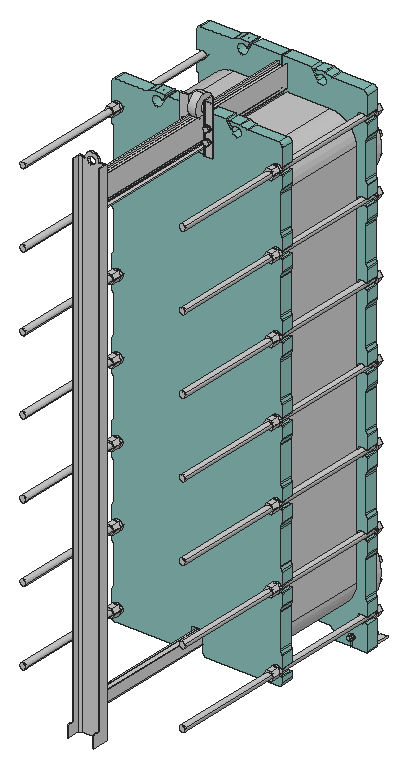
Revit family "Ekin_Endüstriyel - MIT5125", category Specialty Equipment, Revit 2022
Family settings
  Round Connector Dimension = Use Diameter
  Part Type = Normal
  Work Plane-Based = No
  Always vertical = No
  Cut with Voids When Loaded = No
  Maintain Annotation Orientation = No
  Shared = No
  Room Calculation Point = No
Parameters (values of type "Flanged")
  URL = "https://en.ekinendustriyel.com/plate-heat-exchanger"
  Type Comments = ""
  Tightening Bolt = if(Design Pressure < 11.0 bar, 30.00 mm, if(Design Pressure < 17.0 bar, 36.00 mm, 45.00 mm))  # 30.00 mm
  Thickness_of_Plate [instance] = 0.50 mm  # constant formula
  Number_of_Plate [instance] = 160
  Model = if(Hygienic, if(Design Pressure < 11.0 bar, "H12340000F300L", if(Design Pressure < 16.0 bar, " H12340000F300M", " H12340000F300H")), if(Design Pressure < 10.0 bar, "E12340000F2300L", if(Design Pressure < 16.0 bar, " E12340000F300M", " E12340000F300H")))  # "H12340000F300L"
  Material = Galvanized Steel- S235JR
  Manufacturer = "Ekin Endüstriyel"
  M30 = Design Pressure > 10.0 bar  # no
  Lk [instance] = (Number_of_Plate) * ((Thickness_of_Plate) + 2.50 mm)  # 480.00 mm
  Lh [instance] = 2565.00 mm  # constant formula
  Lf [instance] = 2485.00 mm  # constant formula
  Lc [instance] = if(Number_of_Plate < 161, 1200.00 mm, if(Number_of_Plate < 281, 1800.00 mm, if(Number_of_Plate < 421, 2400.00 mm, 3000.00 mm)))  # 1200.00 mm
  La [instance] = 865.00 mm  # constant formula
  Keynote = ""
  Industrial [instance] = not(Hygienic)  # no
  Hygienic = yes
  Head & Follower Plate [instance] = if(Design Pressure < 11.0 bar, 60.00 mm, if(Design Pressure < 17.0 bar, 70.00 mm, 90.00 mm))  # 60.00 mm
  Follower Plate [instance] = -(Head & Follower Plate)  # -60.00 mm
  Design Pressure = 7 bar
  Description = if(Design Pressure < 11.0 bar, "MIT - Heat Exchanger - 10 bar", if(Design Pressure < 16.0 bar, " MIT - Heat Exchanger - 16 bar", " MIT - Heat Exchanger - 25 bar"))  # "MIT - Heat Exchanger - 10 bar"
  Default Elevation = 0.00 mm
Reference planes
  plane 1 "Center (Front/Back)": y = 0
  plane 2: z = 0
  plane 3 "Center (Left/Right)": x = 0
  plane 4: x = 1160
  plane 5: x = -1000
  plane 6 "2": y = -540
  plane 7 "1": y = -60
  plane 8 "3": y = -1260
  plane 9 "Bolt End": y = 18.7
  plane 10: y = -1200
Forms (mm)
  Extrusion 1, solid, material "Galvanized Steel", detail levels fine
    sketch origin (4.063, 0, 0) x (1, 0, 0) y (0, 0, 1)
      loop
        line (-1.063, 2562) -> (-1.063, 2515.593)
        arc (-1.063, 2515.593) -> (-0.613, 2514.012) -> (0.604, 2512.906) r 3
        arc (0.604, 2512.906) -> (6.437, 2503.5) -> (0.604, 2494.094) r 10.5
        arc (0.604, 2494.094) -> (-0.613, 2492.988) -> (-1.063, 2491.407) r 3
        line (-1.063, 2491.407) -> (-1.063, 2455.593)
        arc (-1.063, 2455.593) -> (-0.613, 2454.012) -> (0.604, 2452.906) r 3
        arc (0.604, 2452.906) -> (-4.063, 2433) -> (-8.73, 2452.906) r 10.5
        arc (-8.73, 2452.906) -> (-7.514, 2454.012) -> (-7.063, 2455.593) r 3
        line (-7.063, 2455.593) -> (-7.063, 2491.407)
        arc (-7.063, 2491.407) -> (-7.514, 2492.988) -> (-8.73, 2494.094) r 3
        arc (-8.73, 2494.094) -> (-14.563, 2503.5) -> (-8.73, 2512.906) r 10.5
        arc (-8.73, 2512.906) -> (-7.514, 2514.012) -> (-7.063, 2515.593) r 3
        line (-7.063, 2515.593) -> (-7.063, 2562)
        arc (-7.063, 2562) -> (-7.942, 2564.121) -> (-10.063, 2565) r 3
        line (-10.063, 2565) -> (-152.101, 2565) -> (-182.412, 2512.5)
        arc (-182.412, 2512.5) -> (-228.985, 2523.022) -> (-184.655, 2540.758) r 25
        arc (-184.655, 2540.758) -> (-182.089, 2539.659) -> (-179.728, 2541.15) r 3
        line (-179.728, 2541.15) -> (-168.556, 2560.5)
        arc (-168.556, 2560.5) -> (-168.556, 2563.5) -> (-171.154, 2565) r 3
        line (-171.154, 2565) -> (-217.536, 2565)
        arc (-217.536, 2565) -> (-221.009, 2564.696) -> (-224.377, 2563.794) r 20
        line (-224.377, 2563.794) -> (-250.719, 2554.206)
        arc (-250.719, 2554.206) -> (-254.086, 2553.304) -> (-257.559, 2553) r 20
        line (-257.559, 2553) -> (-416.563, 2553)
        arc (-416.563, 2553) -> (-430.705, 2547.142) -> (-436.563, 2533) r 20
        line (-436.563, 2533) -> (-436.563, 2446)
        arc (-436.563, 2446) -> (-435.684, 2443.879) -> (-433.563, 2443) r 3
        line (-433.563, 2443) -> (-422.554, 2443)
        arc (-422.554, 2443) -> (-421.636, 2443.144) -> (-420.805, 2443.562) r 3
        arc (-420.805, 2443.562) -> (-387.563, 2426.5) -> (-420.805, 2409.437) r 21
        arc (-420.805, 2409.437) -> (-421.636, 2409.856) -> (-422.554, 2410) r 3
        line (-422.554, 2410) -> (-433.563, 2410)
        arc (-433.563, 2410) -> (-435.684, 2409.121) -> (-436.563, 2407) r 3
        line (-436.563, 2407) -> (-436.563, 2349.506)
        arc (-436.563, 2349.506) -> (-436.259, 2346.033) -> (-435.357, 2342.666) r 20
        line (-435.357, 2342.666) -> (-429.769, 2327.314)
        arc (-429.769, 2327.314) -> (-428.867, 2323.946) -> (-428.563, 2320.473) r 20
        line (-428.563, 2320.473) -> (-428.563, 2152.527)
        arc (-428.563, 2152.527) -> (-428.867, 2149.054) -> (-429.769, 2145.686) r 20
        line (-429.769, 2145.686) -> (-435.357, 2130.334)
        arc (-435.357, 2130.334) -> (-436.259, 2126.967) -> (-436.563, 2123.494) r 20
        line (-436.563, 2123.494) -> (-436.563, 2066)
        arc (-436.563, 2066) -> (-435.684, 2063.879) -> (-433.563, 2063) r 3
        line (-433.563, 2063) -> (-422.554, 2063)
        arc (-422.554, 2063) -> (-421.636, 2063.144) -> (-420.805, 2063.562) r 3
        arc (-420.805, 2063.562) -> (-387.563, 2046.5) -> (-420.805, 2029.437) r 21
        arc (-420.805, 2029.437) -> (-421.636, 2029.856) -> (-422.554, 2030) r 3
        line (-422.554, 2030) -> (-433.563, 2030)
        arc (-433.563, 2030) -> (-435.684, 2029.121) -> (-436.563, 2027) r 3
        line (-436.563, 2027) -> (-436.563, 1969.506)
        arc (-436.563, 1969.506) -> (-436.259, 1966.033) -> (-435.357, 1962.666) r 20
        line (-435.357, 1962.666) -> (-429.769, 1947.314)
        arc (-429.769, 1947.314) -> (-428.867, 1943.946) -> (-428.563, 1940.473) r 20
        line (-428.563, 1940.473) -> (-428.563, 1772.527)
        arc (-428.563, 1772.527) -> (-428.867, 1769.054) -> (-429.769, 1765.686) r 20
        line (-429.769, 1765.686) -> (-435.357, 1750.334)
        arc (-435.357, 1750.334) -> (-436.259, 1746.967) -> (-436.563, 1743.494) r 20
        line (-436.563, 1743.494) -> (-436.563, 1686)
        arc (-436.563, 1686) -> (-435.684, 1683.879) -> (-433.563, 1683) r 3
        line (-433.563, 1683) -> (-422.554, 1683)
        arc (-422.554, 1683) -> (-421.636, 1683.144) -> (-420.805, 1683.562) r 3
        arc (-420.805, 1683.562) -> (-387.563, 1666.5) -> (-420.805, 1649.437) r 21
        arc (-420.805, 1649.437) -> (-421.636, 1649.856) -> (-422.554, 1650) r 3
        line (-422.554, 1650) -> (-433.563, 1650)
        arc (-433.563, 1650) -> (-435.684, 1649.121) -> (-436.563, 1647) r 3
        line (-436.563, 1647) -> (-436.563, 1589.506)
        arc (-436.563, 1589.506) -> (-436.259, 1586.033) -> (-435.357, 1582.666) r 20
        line (-435.357, 1582.666) -> (-429.769, 1567.314)
        arc (-429.769, 1567.314) -> (-428.867, 1563.946) -> (-428.563, 1560.473) r 20
        line (-428.563, 1560.473) -> (-428.563, 1392.527)
        arc (-428.563, 1392.527) -> (-428.867, 1389.054) -> (-429.769, 1385.686) r 20
        line (-429.769, 1385.686) -> (-435.357, 1370.334)
        arc (-435.357, 1370.334) -> (-436.259, 1366.967) -> (-436.563, 1363.494) r 20
        line (-436.563, 1363.494) -> (-436.563, 1306)
        arc (-436.563, 1306) -> (-435.684, 1303.879) -> (-433.563, 1303) r 3
        line (-433.563, 1303) -> (-422.554, 1303)
        arc (-422.554, 1303) -> (-421.636, 1303.144) -> (-420.805, 1303.562) r 3
        arc (-420.805, 1303.562) -> (-387.563, 1286.5) -> (-420.805, 1269.437) r 21
        arc (-420.805, 1269.437) -> (-421.636, 1269.856) -> (-422.554, 1270) r 3
        line (-422.554, 1270) -> (-433.563, 1270)
        arc (-433.563, 1270) -> (-435.684, 1269.121) -> (-436.563, 1267) r 3
        line (-436.563, 1267) -> (-436.563, 1209.506)
        arc (-436.563, 1209.506) -> (-436.259, 1206.033) -> (-435.357, 1202.666) r 20
        line (-435.357, 1202.666) -> (-429.769, 1187.314)
        arc (-429.769, 1187.314) -> (-428.867, 1183.946) -> (-428.563, 1180.473) r 20
        line (-428.563, 1180.473) -> (-428.563, 1012.527)
        arc (-428.563, 1012.527) -> (-428.867, 1009.054) -> (-429.769, 1005.686) r 20
        line (-429.769, 1005.686) -> (-435.357, 990.334)
        arc (-435.357, 990.334) -> (-436.259, 986.967) -> (-436.563, 983.494) r 20
        line (-436.563, 983.494) -> (-436.563, 926)
        arc (-436.563, 926) -> (-435.684, 923.879) -> (-433.563, 923) r 3
        line (-433.563, 923) -> (-422.554, 923)
        arc (-422.554, 923) -> (-421.636, 923.144) -> (-420.805, 923.562) r 3
        arc (-420.805, 923.562) -> (-387.563, 906.5) -> (-420.805, 889.437) r 21
        arc (-420.805, 889.437) -> (-421.636, 889.856) -> (-422.554, 890) r 3
        line (-422.554, 890) -> (-433.563, 890)
        arc (-433.563, 890) -> (-435.684, 889.121) -> (-436.563, 887) r 3
        line (-436.563, 887) -> (-436.563, 829.506)
        arc (-436.563, 829.506) -> (-436.259, 826.033) -> (-435.357, 822.666) r 20
        line (-435.357, 822.666) -> (-429.769, 807.314)
        arc (-429.769, 807.314) -> (-428.867, 803.946) -> (-428.563, 800.473) r 20
        line (-428.563, 800.473) -> (-428.563, 632.527)
        arc (-428.563, 632.527) -> (-428.867, 629.054) -> (-429.769, 625.686) r 20
        line (-429.769, 625.686) -> (-435.357, 610.334)
        arc (-435.357, 610.334) -> (-436.259, 606.967) -> (-436.563, 603.494) r 20
        line (-436.563, 603.494) -> (-436.563, 546)
        arc (-436.563, 546) -> (-435.684, 543.879) -> (-433.563, 543) r 3
        line (-433.563, 543) -> (-422.554, 543)
        arc (-422.554, 543) -> (-421.636, 543.144) -> (-420.805, 543.562) r 3
        arc (-420.805, 543.562) -> (-387.563, 526.5) -> (-420.805, 509.437) r 21
        arc (-420.805, 509.437) -> (-421.636, 509.856) -> (-422.554, 510) r 3
        line (-422.554, 510) -> (-433.563, 510)
        arc (-433.563, 510) -> (-435.684, 509.121) -> (-436.563, 507) r 3
        line (-436.563, 507) -> (-436.563, 449.506)
        arc (-436.563, 449.506) -> (-436.259, 446.033) -> (-435.357, 442.666) r 20
        line (-435.357, 442.666) -> (-429.769, 427.314)
        arc (-429.769, 427.314) -> (-428.867, 423.946) -> (-428.563, 420.473) r 20
        line (-428.563, 420.473) -> (-428.563, 252.527)
        arc (-428.563, 252.527) -> (-428.867, 249.054) -> (-429.769, 245.686) r 20
        line (-429.769, 245.686) -> (-435.357, 230.334)
        arc (-435.357, 230.334) -> (-436.259, 226.967) -> (-436.563, 223.494) r 20
        line (-436.563, 223.494) -> (-436.563, 166)
        arc (-436.563, 166) -> (-435.684, 163.879) -> (-433.563, 163) r 3
        line (-433.563, 163) -> (-422.554, 163)
        arc (-422.554, 163) -> (-421.636, 163.144) -> (-420.805, 163.562) r 3
        arc (-420.805, 163.562) -> (-387.563, 146.5) -> (-420.805, 129.437) r 21
        arc (-420.805, 129.437) -> (-421.636, 129.856) -> (-422.554, 130) r 3
        line (-422.554, 130) -> (-436.563, 130) -> (-436.563, 5)
        arc (-436.563, 5) -> (-435.099, 1.464) -> (-431.563, 0) r 5
        line (-431.563, 0) -> (-362.563, 0)
        arc (-362.563, 0) -> (-360.442, 0.879) -> (-359.563, 3) r 3
        line (-359.563, 3) -> (-359.563, 32.907)
        arc (-359.563, 32.907) -> (-360.014, 34.488) -> (-361.23, 35.594) r 3
        arc (-361.23, 35.594) -> (-356.563, 55.5) -> (-351.896, 35.594) r 10.5
        arc (-351.896, 35.594) -> (-353.113, 34.488) -> (-353.563, 32.907) r 3
        line (-353.563, 32.907) -> (-353.563, 3)
        arc (-353.563, 3) -> (-352.684, 0.879) -> (-350.563, 0) r 3
        line (-350.563, 0) -> (-281.563, 0)
        arc (-281.563, 0) -> (-278.027, 1.464) -> (-276.563, 5) r 5
        line (-276.563, 5) -> (-276.563, 25.858)
        arc (-276.563, 25.858) -> (-275.802, 29.685) -> (-273.634, 32.929) r 10
        line (-273.634, 32.929) -> (-249.492, 57.071)
        arc (-249.492, 57.071) -> (-246.248, 59.239) -> (-242.421, 60) r 10
        line (-242.421, 60) -> (-10.063, 60)
        arc (-10.063, 60) -> (-7.942, 60.879) -> (-7.063, 63) r 3
        line (-7.063, 63) -> (-7.063, 92.407)
        arc (-7.063, 92.407) -> (-7.514, 93.988) -> (-8.73, 95.094) r 3
        arc (-8.73, 95.094) -> (-14.563, 104.5) -> (-8.73, 113.906) r 10.5
        arc (-8.73, 113.906) -> (-7.514, 115.012) -> (-7.063, 116.593) r 3
        line (-7.063, 116.593) -> (-7.063, 152.407)
        arc (-7.063, 152.407) -> (-7.514, 153.988) -> (-8.73, 155.094) r 3
        arc (-8.73, 155.094) -> (-4.063, 175) -> (0.604, 155.094) r 10.5
        arc (0.604, 155.094) -> (-0.613, 153.988) -> (-1.063, 152.407) r 3
        line (-1.063, 152.407) -> (-1.063, 116.593)
        arc (-1.063, 116.593) -> (-0.613, 115.012) -> (0.604, 113.906) r 3
        arc (0.604, 113.906) -> (6.437, 104.5) -> (0.604, 95.094) r 10.5
        arc (0.604, 95.094) -> (-0.613, 93.988) -> (-1.063, 92.407) r 3
        line (-1.063, 92.407) -> (-1.063, 63)
        arc (-1.063, 63) -> (-0.184, 60.879) -> (1.937, 60) r 3
        line (1.937, 60) -> (234.295, 60)
        arc (234.295, 60) -> (238.122, 59.239) -> (241.366, 57.071) r 10
        line (241.366, 57.071) -> (265.508, 32.929)
        arc (265.508, 32.929) -> (267.676, 29.685) -> (268.437, 25.858) r 10
        line (268.437, 25.858) -> (268.437, 5)
        arc (268.437, 5) -> (269.901, 1.464) -> (273.437, 0) r 5
        line (273.437, 0) -> (342.437, 0)
        arc (342.437, 0) -> (344.558, 0.879) -> (345.437, 3) r 3
        line (345.437, 3) -> (345.437, 32.907)
        arc (345.437, 32.907) -> (344.986, 34.488) -> (343.77, 35.594) r 3
        arc (343.77, 35.594) -> (348.437, 55.5) -> (353.104, 35.594) r 10.5
        arc (353.104, 35.594) -> (351.887, 34.488) -> (351.437, 32.907) r 3
        line (351.437, 32.907) -> (351.437, 3)
        arc (351.437, 3) -> (352.316, 0.879) -> (354.437, 0) r 3
        line (354.437, 0) -> (423.437, 0)
        arc (423.437, 0) -> (426.973, 1.464) -> (428.437, 5) r 5
        line (428.437, 5) -> (428.437, 130) -> (414.428, 130)
        arc (414.428, 130) -> (413.509, 129.856) -> (412.679, 129.437) r 3
        arc (412.679, 129.437) -> (379.437, 146.5) -> (412.679, 163.562) r 21
        arc (412.679, 163.562) -> (413.509, 163.144) -> (414.428, 163) r 3
        line (414.428, 163) -> (425.437, 163)
        arc (425.437, 163) -> (427.558, 163.879) -> (428.437, 166) r 3
        line (428.437, 166) -> (428.437, 223.494)
        arc (428.437, 223.494) -> (428.133, 226.967) -> (427.231, 230.334) r 20
        line (427.231, 230.334) -> (421.643, 245.686)
        arc (421.643, 245.686) -> (420.741, 249.054) -> (420.437, 252.527) r 20
        line (420.437, 252.527) -> (420.437, 420.473)
        arc (420.437, 420.473) -> (420.741, 423.946) -> (421.643, 427.314) r 20
        line (421.643, 427.314) -> (427.231, 442.666)
        arc (427.231, 442.666) -> (428.133, 446.033) -> (428.437, 449.506) r 20
        line (428.437, 449.506) -> (428.437, 507)
        arc (428.437, 507) -> (427.558, 509.121) -> (425.437, 510) r 3
        line (425.437, 510) -> (414.428, 510)
        arc (414.428, 510) -> (413.509, 509.856) -> (412.679, 509.437) r 3
        arc (412.679, 509.437) -> (379.437, 526.5) -> (412.679, 543.562) r 21
        arc (412.679, 543.562) -> (413.509, 543.144) -> (414.428, 543) r 3
        line (414.428, 543) -> (425.437, 543)
        arc (425.437, 543) -> (427.558, 543.879) -> (428.437, 546) r 3
        line (428.437, 546) -> (428.437, 603.494)
        arc (428.437, 603.494) -> (428.133, 606.967) -> (427.231, 610.334) r 20
        line (427.231, 610.334) -> (421.643, 625.686)
        arc (421.643, 625.686) -> (420.741, 629.054) -> (420.437, 632.527) r 20
        line (420.437, 632.527) -> (420.437, 800.473)
        arc (420.437, 800.473) -> (420.741, 803.946) -> (421.643, 807.314) r 20
        line (421.643, 807.314) -> (427.231, 822.666)
        arc (427.231, 822.666) -> (428.133, 826.033) -> (428.437, 829.506) r 20
        line (428.437, 829.506) -> (428.437, 887)
        arc (428.437, 887) -> (427.558, 889.121) -> (425.437, 890) r 3
        line (425.437, 890) -> (414.428, 890)
        arc (414.428, 890) -> (413.509, 889.856) -> (412.679, 889.437) r 3
        arc (412.679, 889.437) -> (379.437, 906.5) -> (412.679, 923.562) r 21
        arc (412.679, 923.562) -> (413.509, 923.144) -> (414.428, 923) r 3
        line (414.428, 923) -> (425.437, 923)
        arc (425.437, 923) -> (427.558, 923.879) -> (428.437, 926) r 3
        line (428.437, 926) -> (428.437, 983.494)
        arc (428.437, 983.494) -> (428.133, 986.967) -> (427.231, 990.334) r 20
        line (427.231, 990.334) -> (421.643, 1005.686)
        arc (421.643, 1005.686) -> (420.741, 1009.054) -> (420.437, 1012.527) r 20
        line (420.437, 1012.527) -> (420.437, 1180.473)
        arc (420.437, 1180.473) -> (420.741, 1183.946) -> (421.643, 1187.314) r 20
        line (421.643, 1187.314) -> (427.231, 1202.666)
        arc (427.231, 1202.666) -> (428.133, 1206.033) -> (428.437, 1209.506) r 20
        line (428.437, 1209.506) -> (428.437, 1267)
        arc (428.437, 1267) -> (427.558, 1269.121) -> (425.437, 1270) r 3
        line (425.437, 1270) -> (414.428, 1270)
        arc (414.428, 1270) -> (413.509, 1269.856) -> (412.679, 1269.437) r 3
        arc (412.679, 1269.437) -> (379.437, 1286.5) -> (412.679, 1303.562) r 21
        arc (412.679, 1303.562) -> (413.509, 1303.144) -> (414.428, 1303) r 3
        line (414.428, 1303) -> (425.437, 1303)
        arc (425.437, 1303) -> (427.558, 1303.879) -> (428.437, 1306) r 3
        line (428.437, 1306) -> (428.437, 1363.494)
        arc (428.437, 1363.494) -> (428.133, 1366.967) -> (427.231, 1370.334) r 20
        line (427.231, 1370.334) -> (421.643, 1385.686)
        arc (421.643, 1385.686) -> (420.741, 1389.054) -> (420.437, 1392.527) r 20
        line (420.437, 1392.527) -> (420.437, 1560.473)
        arc (420.437, 1560.473) -> (420.741, 1563.946) -> (421.643, 1567.314) r 20
        line (421.643, 1567.314) -> (427.231, 1582.666)
        arc (427.231, 1582.666) -> (428.133, 1586.033) -> (428.437, 1589.506) r 20
        line (428.437, 1589.506) -> (428.437, 1647)
        arc (428.437, 1647) -> (427.558, 1649.121) -> (425.437, 1650) r 3
        line (425.437, 1650) -> (414.428, 1650)
        arc (414.428, 1650) -> (413.509, 1649.856) -> (412.679, 1649.437) r 3
        arc (412.679, 1649.437) -> (379.437, 1666.5) -> (412.679, 1683.562) r 21
        arc (412.679, 1683.562) -> (413.509, 1683.144) -> (414.428, 1683) r 3
        line (414.428, 1683) -> (425.437, 1683)
        arc (425.437, 1683) -> (427.558, 1683.879) -> (428.437, 1686) r 3
        line (428.437, 1686) -> (428.437, 1743.494)
        arc (428.437, 1743.494) -> (428.133, 1746.967) -> (427.231, 1750.334) r 20
        line (427.231, 1750.334) -> (421.643, 1765.686)
        arc (421.643, 1765.686) -> (420.741, 1769.054) -> (420.437, 1772.527) r 20
        line (420.437, 1772.527) -> (420.437, 1940.473)
        arc (420.437, 1940.473) -> (420.741, 1943.946) -> (421.643, 1947.314) r 20
        line (421.643, 1947.314) -> (427.231, 1962.666)
        arc (427.231, 1962.666) -> (428.133, 1966.033) -> (428.437, 1969.506) r 20
        line (428.437, 1969.506) -> (428.437, 2027)
        arc (428.437, 2027) -> (427.558, 2029.121) -> (425.437, 2030) r 3
        line (425.437, 2030) -> (414.428, 2030)
        arc (414.428, 2030) -> (413.509, 2029.856) -> (412.679, 2029.437) r 3
        arc (412.679, 2029.437) -> (379.437, 2046.5) -> (412.679, 2063.562) r 21
        arc (412.679, 2063.562) -> (413.509, 2063.144) -> (414.428, 2063) r 3
        line (414.428, 2063) -> (425.437, 2063)
        arc (425.437, 2063) -> (427.558, 2063.879) -> (428.437, 2066) r 3
        line (428.437, 2066) -> (428.437, 2123.494)
        arc (428.437, 2123.494) -> (428.133, 2126.967) -> (427.231, 2130.334) r 20
        line (427.231, 2130.334) -> (421.643, 2145.686)
        arc (421.643, 2145.686) -> (420.741, 2149.054) -> (420.437, 2152.527) r 20
        line (420.437, 2152.527) -> (420.437, 2320.473)
        arc (420.437, 2320.473) -> (420.741, 2323.946) -> (421.643, 2327.314) r 20
        line (421.643, 2327.314) -> (427.231, 2342.666)
        arc (427.231, 2342.666) -> (428.133, 2346.033) -> (428.437, 2349.506) r 20
        line (428.437, 2349.506) -> (428.437, 2407)
        arc (428.437, 2407) -> (427.558, 2409.121) -> (425.437, 2410) r 3
        line (425.437, 2410) -> (414.428, 2410)
        arc (414.428, 2410) -> (413.509, 2409.856) -> (412.679, 2409.437) r 3
        arc (412.679, 2409.437) -> (379.437, 2426.5) -> (412.679, 2443.562) r 21
        arc (412.679, 2443.562) -> (413.509, 2443.144) -> (414.428, 2443) r 3
        line (414.428, 2443) -> (425.437, 2443)
        arc (425.437, 2443) -> (427.558, 2443.879) -> (428.437, 2446) r 3
        line (428.437, 2446) -> (428.437, 2533)
        arc (428.437, 2533) -> (422.579, 2547.142) -> (408.437, 2553) r 20
        line (408.437, 2553) -> (249.433, 2553)
        arc (249.433, 2553) -> (245.96, 2553.304) -> (242.593, 2554.206) r 20
        line (242.593, 2554.206) -> (216.251, 2563.794)
        arc (216.251, 2563.794) -> (212.883, 2564.696) -> (209.41, 2565) r 20
        line (209.41, 2565) -> (163.028, 2565)
        arc (163.028, 2565) -> (160.43, 2563.5) -> (160.43, 2560.5) r 3
        line (160.43, 2560.5) -> (171.602, 2541.15)
        arc (171.602, 2541.15) -> (173.963, 2539.659) -> (176.529, 2540.758) r 3
        arc (176.529, 2540.758) -> (220.859, 2523.022) -> (174.286, 2512.5) r 25
        line (174.286, 2512.5) -> (143.975, 2565) -> (1.937, 2565)
        arc (1.937, 2565) -> (-0.184, 2564.121) -> (-1.063, 2562) r 3
      loop
        circle (215.437, 2256) r 109
      loop
        circle (215.437, 317) r 109
      loop
        circle (-223.563, 2256) r 109
      loop
        circle (-223.563, 317) r 109
    from 0 to 60
  Extrusion 2, solid, material "Galvanized Steel", detail levels fine
    sketch origin (4.063, -540, 0) x (-1, 0, 0) y (0, 0, 1)
      loop
        line (-54.187, 2513) -> (-54.187, 2562)
        arc (-54.187, 2562) -> (-55.066, 2564.121) -> (-57.187, 2565) r 3
        line (-57.187, 2565) -> (-142.243, 2565)
        arc (-142.243, 2565) -> (-143.743, 2564.598) -> (-144.841, 2563.5) r 3
        line (-144.841, 2563.5) -> (-174.286, 2512.5)
        arc (-174.286, 2512.5) -> (-220.917, 2523.992) -> (-175.364, 2539.204) r 25
        arc (-175.364, 2539.204) -> (-172.775, 2537.911) -> (-170.297, 2539.409) r 3
        line (-170.297, 2539.409) -> (-158.121, 2560.5)
        arc (-158.121, 2560.5) -> (-158.121, 2563.5) -> (-160.719, 2565) r 3
        line (-160.719, 2565) -> (-212.41, 2565)
        arc (-212.41, 2565) -> (-215.883, 2564.696) -> (-219.251, 2563.794) r 20
        line (-219.251, 2563.794) -> (-245.593, 2554.206)
        arc (-245.593, 2554.206) -> (-248.96, 2553.304) -> (-252.433, 2553) r 20
        line (-252.433, 2553) -> (-408.437, 2553)
        arc (-408.437, 2553) -> (-422.579, 2547.142) -> (-428.437, 2533) r 20
        line (-428.437, 2533) -> (-428.437, 2446)
        arc (-428.437, 2446) -> (-427.558, 2443.879) -> (-425.437, 2443) r 3
        line (-425.437, 2443) -> (-414.428, 2443)
        arc (-414.428, 2443) -> (-413.509, 2443.144) -> (-412.679, 2443.563) r 3
        arc (-412.679, 2443.563) -> (-379.437, 2426.5) -> (-412.679, 2409.437) r 21
        arc (-412.679, 2409.437) -> (-413.509, 2409.856) -> (-414.428, 2410) r 3
        line (-414.428, 2410) -> (-425.437, 2410)
        arc (-425.437, 2410) -> (-427.558, 2409.121) -> (-428.437, 2407) r 3
        line (-428.437, 2407) -> (-428.437, 2349.506)
        arc (-428.437, 2349.506) -> (-428.133, 2346.033) -> (-427.231, 2342.666) r 20
        line (-427.231, 2342.666) -> (-421.643, 2327.314)
        arc (-421.643, 2327.314) -> (-420.741, 2323.946) -> (-420.437, 2320.473) r 20
        line (-420.437, 2320.473) -> (-420.437, 2152.527)
        arc (-420.437, 2152.527) -> (-420.741, 2149.054) -> (-421.643, 2145.686) r 20
        line (-421.643, 2145.686) -> (-427.231, 2130.334)
        arc (-427.231, 2130.334) -> (-428.133, 2126.967) -> (-428.437, 2123.494) r 20
        line (-428.437, 2123.494) -> (-428.437, 2066)
        arc (-428.437, 2066) -> (-427.558, 2063.879) -> (-425.437, 2063) r 3
        line (-425.437, 2063) -> (-414.428, 2063)
        arc (-414.428, 2063) -> (-413.509, 2063.144) -> (-412.679, 2063.563) r 3
        arc (-412.679, 2063.563) -> (-379.437, 2046.5) -> (-412.679, 2029.437) r 21
        arc (-412.679, 2029.437) -> (-413.509, 2029.856) -> (-414.428, 2030) r 3
        line (-414.428, 2030) -> (-425.437, 2030)
        arc (-425.437, 2030) -> (-427.558, 2029.121) -> (-428.437, 2027) r 3
        line (-428.437, 2027) -> (-428.437, 1969.506)
        arc (-428.437, 1969.506) -> (-428.133, 1966.033) -> (-427.231, 1962.666) r 20
        line (-427.231, 1962.666) -> (-421.643, 1947.314)
        arc (-421.643, 1947.314) -> (-420.741, 1943.946) -> (-420.437, 1940.473) r 20
        line (-420.437, 1940.473) -> (-420.437, 1772.527)
        arc (-420.437, 1772.527) -> (-420.741, 1769.054) -> (-421.643, 1765.686) r 20
        line (-421.643, 1765.686) -> (-427.231, 1750.334)
        arc (-427.231, 1750.334) -> (-428.133, 1746.967) -> (-428.437, 1743.494) r 20
        line (-428.437, 1743.494) -> (-428.437, 1686)
        arc (-428.437, 1686) -> (-427.558, 1683.879) -> (-425.437, 1683) r 3
        line (-425.437, 1683) -> (-414.428, 1683)
        arc (-414.428, 1683) -> (-413.509, 1683.144) -> (-412.679, 1683.563) r 3
        arc (-412.679, 1683.563) -> (-379.437, 1666.5) -> (-412.679, 1649.437) r 21
        arc (-412.679, 1649.437) -> (-413.509, 1649.856) -> (-414.428, 1650) r 3
        line (-414.428, 1650) -> (-425.437, 1650)
        arc (-425.437, 1650) -> (-427.558, 1649.121) -> (-428.437, 1647) r 3
        line (-428.437, 1647) -> (-428.437, 1589.506)
        arc (-428.437, 1589.506) -> (-428.133, 1586.033) -> (-427.231, 1582.666) r 20
        line (-427.231, 1582.666) -> (-421.643, 1567.314)
        arc (-421.643, 1567.314) -> (-420.741, 1563.946) -> (-420.437, 1560.473) r 20
        line (-420.437, 1560.473) -> (-420.437, 1392.527)
        arc (-420.437, 1392.527) -> (-420.741, 1389.054) -> (-421.643, 1385.686) r 20
        line (-421.643, 1385.686) -> (-427.231, 1370.334)
        arc (-427.231, 1370.334) -> (-428.133, 1366.967) -> (-428.437, 1363.494) r 20
        line (-428.437, 1363.494) -> (-428.437, 1306)
        arc (-428.437, 1306) -> (-427.558, 1303.879) -> (-425.437, 1303) r 3
        line (-425.437, 1303) -> (-414.428, 1303)
        arc (-414.428, 1303) -> (-413.509, 1303.144) -> (-412.679, 1303.563) r 3
        arc (-412.679, 1303.563) -> (-379.437, 1286.5) -> (-412.679, 1269.437) r 21
        arc (-412.679, 1269.437) -> (-413.509, 1269.856) -> (-414.428, 1270) r 3
        line (-414.428, 1270) -> (-425.437, 1270)
        arc (-425.437, 1270) -> (-427.558, 1269.121) -> (-428.437, 1267) r 3
        line (-428.437, 1267) -> (-428.437, 1209.506)
        arc (-428.437, 1209.506) -> (-428.133, 1206.033) -> (-427.231, 1202.666) r 20
        line (-427.231, 1202.666) -> (-421.643, 1187.314)
        arc (-421.643, 1187.314) -> (-420.741, 1183.946) -> (-420.437, 1180.473) r 20
        line (-420.437, 1180.473) -> (-420.437, 1012.527)
        arc (-420.437, 1012.527) -> (-420.741, 1009.054) -> (-421.643, 1005.686) r 20
        line (-421.643, 1005.686) -> (-427.231, 990.334)
        arc (-427.231, 990.334) -> (-428.133, 986.967) -> (-428.437, 983.494) r 20
        line (-428.437, 983.494) -> (-428.437, 926)
        arc (-428.437, 926) -> (-427.558, 923.879) -> (-425.437, 923) r 3
        line (-425.437, 923) -> (-414.428, 923)
        arc (-414.428, 923) -> (-413.509, 923.144) -> (-412.679, 923.563) r 3
        arc (-412.679, 923.563) -> (-379.437, 906.5) -> (-412.679, 889.437) r 21
        arc (-412.679, 889.437) -> (-413.509, 889.856) -> (-414.428, 890) r 3
        line (-414.428, 890) -> (-425.437, 890)
        arc (-425.437, 890) -> (-427.558, 889.121) -> (-428.437, 887) r 3
        line (-428.437, 887) -> (-428.437, 829.506)
        arc (-428.437, 829.506) -> (-428.133, 826.033) -> (-427.231, 822.666) r 20
        line (-427.231, 822.666) -> (-421.643, 807.314)
        arc (-421.643, 807.314) -> (-420.741, 803.946) -> (-420.437, 800.473) r 20
        line (-420.437, 800.473) -> (-420.437, 632.527)
        arc (-420.437, 632.527) -> (-420.741, 629.054) -> (-421.643, 625.686) r 20
        line (-421.643, 625.686) -> (-427.231, 610.334)
        arc (-427.231, 610.334) -> (-428.133, 606.967) -> (-428.437, 603.494) r 20
        line (-428.437, 603.494) -> (-428.437, 546)
        arc (-428.437, 546) -> (-427.558, 543.879) -> (-425.437, 543) r 3
        line (-425.437, 543) -> (-414.428, 543)
        arc (-414.428, 543) -> (-413.509, 543.144) -> (-412.679, 543.563) r 3
        arc (-412.679, 543.563) -> (-379.437, 526.5) -> (-412.679, 509.437) r 21
        arc (-412.679, 509.437) -> (-413.509, 509.856) -> (-414.428, 510) r 3
        line (-414.428, 510) -> (-425.437, 510)
        arc (-425.437, 510) -> (-427.558, 509.121) -> (-428.437, 507) r 3
        line (-428.437, 507) -> (-428.437, 449.506)
        arc (-428.437, 449.506) -> (-428.133, 446.033) -> (-427.231, 442.666) r 20
        line (-427.231, 442.666) -> (-421.643, 427.314)
        arc (-421.643, 427.314) -> (-420.741, 423.946) -> (-420.437, 420.473) r 20
        line (-420.437, 420.473) -> (-420.437, 252.527)
        arc (-420.437, 252.527) -> (-420.741, 249.054) -> (-421.643, 245.686) r 20
        line (-421.643, 245.686) -> (-427.231, 230.334)
        arc (-427.231, 230.334) -> (-428.133, 226.967) -> (-428.437, 223.494) r 20
        line (-428.437, 223.494) -> (-428.437, 166)
        arc (-428.437, 166) -> (-427.558, 163.879) -> (-425.437, 163) r 3
        line (-425.437, 163) -> (-414.428, 163)
        arc (-414.428, 163) -> (-413.509, 163.144) -> (-412.679, 163.563) r 3
        arc (-412.679, 163.563) -> (-379.437, 146.5) -> (-412.679, 129.437) r 21
        arc (-412.679, 129.437) -> (-413.509, 129.856) -> (-414.428, 130) r 3
        line (-414.428, 130) -> (-425.437, 130)
        arc (-425.437, 130) -> (-427.558, 129.121) -> (-428.437, 127) r 3
        line (-428.437, 127) -> (-428.437, 100)
        arc (-428.437, 100) -> (-422.579, 85.858) -> (-408.437, 80) r 20
        line (-408.437, 80) -> (-45.937, 80)
        arc (-45.937, 80) -> (-31.795, 85.858) -> (-25.937, 100) r 20
        line (-25.937, 100) -> (-25.937, 195)
        arc (-25.937, 195) -> (-25.058, 197.121) -> (-22.937, 198) r 3
        line (-22.937, 198) -> (31.063, 198)
        arc (31.063, 198) -> (33.184, 197.121) -> (34.063, 195) r 3
        line (34.063, 195) -> (34.063, 100)
        arc (34.063, 100) -> (39.921, 85.858) -> (54.063, 80) r 20
        line (54.063, 80) -> (416.563, 80)
        arc (416.563, 80) -> (430.705, 85.858) -> (436.563, 100) r 20
        line (436.563, 100) -> (436.563, 127)
        arc (436.563, 127) -> (435.684, 129.121) -> (433.563, 130) r 3
        line (433.563, 130) -> (422.554, 130)
        arc (422.554, 130) -> (421.636, 129.856) -> (420.805, 129.437) r 3
        arc (420.805, 129.437) -> (387.563, 146.5) -> (420.805, 163.563) r 21
        arc (420.805, 163.563) -> (421.636, 163.144) -> (422.554, 163) r 3
        line (422.554, 163) -> (433.563, 163)
        arc (433.563, 163) -> (435.684, 163.879) -> (436.563, 166) r 3
        line (436.563, 166) -> (436.563, 223.494)
        arc (436.563, 223.494) -> (436.259, 226.967) -> (435.357, 230.334) r 20
        line (435.357, 230.334) -> (429.769, 245.686)
        arc (429.769, 245.686) -> (428.867, 249.054) -> (428.563, 252.527) r 20
        line (428.563, 252.527) -> (428.563, 420.473)
        arc (428.563, 420.473) -> (428.867, 423.946) -> (429.769, 427.314) r 20
        line (429.769, 427.314) -> (435.357, 442.666)
        arc (435.357, 442.666) -> (436.259, 446.033) -> (436.563, 449.506) r 20
        line (436.563, 449.506) -> (436.563, 507)
        arc (436.563, 507) -> (435.684, 509.121) -> (433.563, 510) r 3
        line (433.563, 510) -> (422.554, 510)
        arc (422.554, 510) -> (421.636, 509.856) -> (420.805, 509.437) r 3
        arc (420.805, 509.437) -> (387.563, 526.5) -> (420.805, 543.563) r 21
        arc (420.805, 543.563) -> (421.636, 543.144) -> (422.554, 543) r 3
        line (422.554, 543) -> (433.563, 543)
        arc (433.563, 543) -> (435.684, 543.879) -> (436.563, 546) r 3
        line (436.563, 546) -> (436.563, 603.494)
        arc (436.563, 603.494) -> (436.259, 606.967) -> (435.357, 610.334) r 20
        line (435.357, 610.334) -> (429.769, 625.686)
        arc (429.769, 625.686) -> (428.867, 629.054) -> (428.563, 632.527) r 20
        line (428.563, 632.527) -> (428.563, 800.473)
        arc (428.563, 800.473) -> (428.867, 803.946) -> (429.769, 807.314) r 20
        line (429.769, 807.314) -> (435.357, 822.666)
        arc (435.357, 822.666) -> (436.259, 826.033) -> (436.563, 829.506) r 20
        line (436.563, 829.506) -> (436.563, 887)
        arc (436.563, 887) -> (435.684, 889.121) -> (433.563, 890) r 3
        line (433.563, 890) -> (422.554, 890)
        arc (422.554, 890) -> (421.636, 889.856) -> (420.805, 889.437) r 3
        arc (420.805, 889.437) -> (387.563, 906.5) -> (420.805, 923.563) r 21
        arc (420.805, 923.563) -> (421.636, 923.144) -> (422.554, 923) r 3
        line (422.554, 923) -> (433.563, 923)
        arc (433.563, 923) -> (435.684, 923.879) -> (436.563, 926) r 3
        line (436.563, 926) -> (436.563, 983.494)
        arc (436.563, 983.494) -> (436.259, 986.967) -> (435.357, 990.334) r 20
        line (435.357, 990.334) -> (429.769, 1005.686)
        arc (429.769, 1005.686) -> (428.867, 1009.054) -> (428.563, 1012.527) r 20
        line (428.563, 1012.527) -> (428.563, 1180.473)
        arc (428.563, 1180.473) -> (428.867, 1183.946) -> (429.769, 1187.314) r 20
        line (429.769, 1187.314) -> (435.357, 1202.666)
        arc (435.357, 1202.666) -> (436.259, 1206.033) -> (436.563, 1209.506) r 20
        line (436.563, 1209.506) -> (436.563, 1267)
        arc (436.563, 1267) -> (435.684, 1269.121) -> (433.563, 1270) r 3
        line (433.563, 1270) -> (422.554, 1270)
        arc (422.554, 1270) -> (421.636, 1269.856) -> (420.805, 1269.437) r 3
        arc (420.805, 1269.437) -> (387.563, 1286.5) -> (420.805, 1303.563) r 21
        arc (420.805, 1303.563) -> (421.636, 1303.144) -> (422.554, 1303) r 3
        line (422.554, 1303) -> (433.563, 1303)
        arc (433.563, 1303) -> (435.684, 1303.879) -> (436.563, 1306) r 3
        line (436.563, 1306) -> (436.563, 1363.494)
        arc (436.563, 1363.494) -> (436.259, 1366.967) -> (435.357, 1370.334) r 20
        line (435.357, 1370.334) -> (429.769, 1385.686)
        arc (429.769, 1385.686) -> (428.867, 1389.054) -> (428.563, 1392.527) r 20
        line (428.563, 1392.527) -> (428.563, 1560.473)
        arc (428.563, 1560.473) -> (428.867, 1563.946) -> (429.769, 1567.314) r 20
        line (429.769, 1567.314) -> (435.357, 1582.666)
        arc (435.357, 1582.666) -> (436.259, 1586.033) -> (436.563, 1589.506) r 20
        line (436.563, 1589.506) -> (436.563, 1647)
        arc (436.563, 1647) -> (435.684, 1649.121) -> (433.563, 1650) r 3
        line (433.563, 1650) -> (422.554, 1650)
        arc (422.554, 1650) -> (421.636, 1649.856) -> (420.805, 1649.437) r 3
        arc (420.805, 1649.437) -> (387.563, 1666.5) -> (420.805, 1683.563) r 21
        arc (420.805, 1683.563) -> (421.636, 1683.144) -> (422.554, 1683) r 3
        line (422.554, 1683) -> (433.563, 1683)
        arc (433.563, 1683) -> (435.684, 1683.879) -> (436.563, 1686) r 3
        line (436.563, 1686) -> (436.563, 1743.494)
        arc (436.563, 1743.494) -> (436.259, 1746.967) -> (435.357, 1750.334) r 20
        line (435.357, 1750.334) -> (429.769, 1765.686)
        arc (429.769, 1765.686) -> (428.867, 1769.054) -> (428.563, 1772.527) r 20
        line (428.563, 1772.527) -> (428.563, 1940.473)
        arc (428.563, 1940.473) -> (428.867, 1943.946) -> (429.769, 1947.314) r 20
        line (429.769, 1947.314) -> (435.357, 1962.666)
        arc (435.357, 1962.666) -> (436.259, 1966.033) -> (436.563, 1969.506) r 20
        line (436.563, 1969.506) -> (436.563, 2027)
        arc (436.563, 2027) -> (435.684, 2029.121) -> (433.563, 2030) r 3
        line (433.563, 2030) -> (422.554, 2030)
        arc (422.554, 2030) -> (421.636, 2029.856) -> (420.805, 2029.437) r 3
        arc (420.805, 2029.437) -> (387.563, 2046.5) -> (420.805, 2063.563) r 21
        arc (420.805, 2063.563) -> (421.636, 2063.144) -> (422.554, 2063) r 3
        line (422.554, 2063) -> (433.563, 2063)
        arc (433.563, 2063) -> (435.684, 2063.879) -> (436.563, 2066) r 3
        line (436.563, 2066) -> (436.563, 2123.494)
        arc (436.563, 2123.494) -> (436.259, 2126.967) -> (435.357, 2130.334) r 20
        line (435.357, 2130.334) -> (429.769, 2145.686)
        arc (429.769, 2145.686) -> (428.867, 2149.054) -> (428.563, 2152.527) r 20
        line (428.563, 2152.527) -> (428.563, 2320.473)
        arc (428.563, 2320.473) -> (428.867, 2323.946) -> (429.769, 2327.314) r 20
        line (429.769, 2327.314) -> (435.357, 2342.666)
        arc (435.357, 2342.666) -> (436.259, 2346.033) -> (436.563, 2349.506) r 20
        line (436.563, 2349.506) -> (436.563, 2407)
        arc (436.563, 2407) -> (435.684, 2409.121) -> (433.563, 2410) r 3
        line (433.563, 2410) -> (422.554, 2410)
        arc (422.554, 2410) -> (421.636, 2409.856) -> (420.805, 2409.437) r 3
        arc (420.805, 2409.437) -> (387.563, 2426.5) -> (420.805, 2443.563) r 21
        arc (420.805, 2443.563) -> (421.636, 2443.144) -> (422.554, 2443) r 3
        line (422.554, 2443) -> (433.563, 2443)
        arc (433.563, 2443) -> (435.684, 2443.879) -> (436.563, 2446) r 3
        line (436.563, 2446) -> (436.563, 2533)
        arc (436.563, 2533) -> (430.705, 2547.142) -> (416.563, 2553) r 20
        line (416.563, 2553) -> (260.559, 2553)
        arc (260.559, 2553) -> (257.086, 2553.304) -> (253.719, 2554.206) r 20
        line (253.719, 2554.206) -> (227.377, 2563.794)
        arc (227.377, 2563.794) -> (224.009, 2564.696) -> (220.536, 2565) r 20
        line (220.536, 2565) -> (168.845, 2565)
        arc (168.845, 2565) -> (166.247, 2563.5) -> (166.247, 2560.5) r 3
        line (166.247, 2560.5) -> (178.424, 2539.409)
        arc (178.424, 2539.409) -> (180.901, 2537.911) -> (183.49, 2539.204) r 3
        arc (183.49, 2539.204) -> (229.043, 2523.992) -> (182.412, 2512.5) r 25
        line (182.412, 2512.5) -> (152.968, 2563.5)
        arc (152.968, 2563.5) -> (151.869, 2564.598) -> (150.369, 2565) r 3
        line (150.369, 2565) -> (65.313, 2565)
        arc (65.313, 2565) -> (63.192, 2564.121) -> (62.313, 2562) r 3
        line (62.313, 2562) -> (62.313, 2513)
        arc (62.313, 2513) -> (61.434, 2510.879) -> (59.313, 2510) r 3
        line (59.313, 2510) -> (48.063, 2510)
        arc (48.063, 2510) -> (45.942, 2509.121) -> (45.063, 2507) r 3
        line (45.063, 2507) -> (45.063, 2498.5)
        arc (45.063, 2498.5) -> (45.942, 2496.379) -> (48.063, 2495.5) r 3
        line (48.063, 2495.5) -> (49.72, 2495.5)
        arc (49.72, 2495.5) -> (51.301, 2495.95) -> (52.407, 2497.167) r 3
        arc (52.407, 2497.167) -> (72.313, 2492.5) -> (52.407, 2487.833) r 10.5
        arc (52.407, 2487.833) -> (51.301, 2489.05) -> (49.72, 2489.5) r 3
        line (49.72, 2489.5) -> (48.063, 2489.5)
        arc (48.063, 2489.5) -> (45.942, 2488.621) -> (45.063, 2486.5) r 3
        line (45.063, 2486.5) -> (45.063, 2438.5)
        arc (45.063, 2438.5) -> (45.942, 2436.379) -> (48.063, 2435.5) r 3
        line (48.063, 2435.5) -> (49.72, 2435.5)
        arc (49.72, 2435.5) -> (51.301, 2435.95) -> (52.407, 2437.167) r 3
        arc (52.407, 2437.167) -> (72.313, 2432.5) -> (52.407, 2427.833) r 10.5
        arc (52.407, 2427.833) -> (51.301, 2429.05) -> (49.72, 2429.5) r 3
        line (49.72, 2429.5) -> (48.063, 2429.5)
        arc (48.063, 2429.5) -> (45.942, 2428.621) -> (45.063, 2426.5) r 3
        line (45.063, 2426.5) -> (45.063, 2368)
        arc (45.063, 2368) -> (44.184, 2365.879) -> (42.063, 2365) r 3
        line (42.063, 2365) -> (-33.937, 2365)
        arc (-33.937, 2365) -> (-36.058, 2365.879) -> (-36.937, 2368) r 3
        line (-36.937, 2368) -> (-36.937, 2426.5)
        arc (-36.937, 2426.5) -> (-37.816, 2428.621) -> (-39.937, 2429.5) r 3
        line (-39.937, 2429.5) -> (-41.594, 2429.5)
        arc (-41.594, 2429.5) -> (-43.175, 2429.05) -> (-44.281, 2427.833) r 3
        arc (-44.281, 2427.833) -> (-64.187, 2432.5) -> (-44.281, 2437.167) r 10.5
        arc (-44.281, 2437.167) -> (-43.175, 2435.95) -> (-41.594, 2435.5) r 3
        line (-41.594, 2435.5) -> (-39.937, 2435.5)
        arc (-39.937, 2435.5) -> (-37.816, 2436.379) -> (-36.937, 2438.5) r 3
        line (-36.937, 2438.5) -> (-36.937, 2486.5)
        arc (-36.937, 2486.5) -> (-37.816, 2488.621) -> (-39.937, 2489.5) r 3
        line (-39.937, 2489.5) -> (-41.594, 2489.5)
        arc (-41.594, 2489.5) -> (-43.175, 2489.05) -> (-44.281, 2487.833) r 3
        arc (-44.281, 2487.833) -> (-64.187, 2492.5) -> (-44.281, 2497.167) r 10.5
        arc (-44.281, 2497.167) -> (-43.175, 2495.95) -> (-41.594, 2495.5) r 3
        line (-41.594, 2495.5) -> (-39.937, 2495.5)
        arc (-39.937, 2495.5) -> (-37.816, 2496.379) -> (-36.937, 2498.5) r 3
        line (-36.937, 2498.5) -> (-36.937, 2507)
        arc (-36.937, 2507) -> (-37.816, 2509.121) -> (-39.937, 2510) r 3
        line (-39.937, 2510) -> (-51.187, 2510)
        arc (-51.187, 2510) -> (-53.308, 2510.879) -> (-54.187, 2513) r 3
    from 0 to -60 <- "Follower Plate"
  Extrusion 3, solid, material "Galvanized Steel- S235JR"
    sketch origin (0, 0, 0) x (1, 0, 0) y (0, 0, 1)
      loop
        line (-18, 124.5) -> (18, 124.5)
        arc (18, 124.5) -> (19.414, 125.086) -> (20, 126.5) r 2
        line (20, 126.5) -> (20, 182.5)
        arc (20, 182.5) -> (19.414, 183.914) -> (18, 184.5) r 2
        line (18, 184.5) -> (-18, 184.5)
        arc (-18, 184.5) -> (-19.414, 183.914) -> (-20, 182.5) r 2
        line (-20, 182.5) -> (-20, 126.5)
        arc (-20, 126.5) -> (-19.414, 125.086) -> (-18, 124.5) r 2
      loop
        line (-13, 129.5) -> (13, 129.5)
        arc (13, 129.5) -> (14.414, 130.086) -> (15, 131.5) r 2
        line (15, 131.5) -> (15, 177.5)
        arc (15, 177.5) -> (14.414, 178.914) -> (13, 179.5) r 2
        line (13, 179.5) -> (-13, 179.5)
        arc (-13, 179.5) -> (-14.414, 178.914) -> (-15, 177.5) r 2
        line (-15, 177.5) -> (-15, 131.5)
        arc (-15, 131.5) -> (-14.414, 130.086) -> (-13, 129.5) r 2
      loop
        line (-21.125, 2420.5) -> (-6.125, 2420.5)
        arc (-6.125, 2420.5) -> (-4.004, 2419.621) -> (-3.125, 2417.5) r 3
        line (-3.125, 2417.5) -> (-3.125, 2393.5)
        arc (-3.125, 2393.5) -> (-4.004, 2391.379) -> (-6.125, 2390.5) r 3
        line (-6.125, 2390.5) -> (-26.125, 2390.5) -> (-26.125, 2387.5) -> (-3.125, 2387.5)
        arc (-3.125, 2387.5) -> (-1.004, 2388.379) -> (-0.125, 2390.5) r 3
        arc (-0.125, 2390.5) -> (0.754, 2388.379) -> (2.875, 2387.5) r 3
        line (2.875, 2387.5) -> (25.875, 2387.5) -> (25.875, 2390.5) -> (5.875, 2390.5)
        arc (5.875, 2390.5) -> (3.754, 2391.379) -> (2.875, 2393.5) r 3
        line (2.875, 2393.5) -> (2.875, 2417.5)
        arc (2.875, 2417.5) -> (3.754, 2419.621) -> (5.875, 2420.5) r 3
        line (5.875, 2420.5) -> (20.875, 2420.5)
        arc (20.875, 2420.5) -> (22.289, 2421.086) -> (22.875, 2422.5) r 2
        line (22.875, 2422.5) -> (22.875, 2535.5) -> (19.875, 2535.5) -> (19.875, 2523.5) -> (-20.125, 2523.5) -> (-20.125, 2535.5) -> (-23.125, 2535.5) -> (-23.125, 2422.5)
        arc (-23.125, 2422.5) -> (-22.539, 2421.086) -> (-21.125, 2420.5) r 2
      loop
        line (-13.125, 2428.5) -> (12.875, 2428.5)
        arc (12.875, 2428.5) -> (14.289, 2429.086) -> (14.875, 2430.5) r 2
        line (14.875, 2430.5) -> (14.875, 2516.5)
        arc (14.875, 2516.5) -> (14.289, 2517.914) -> (12.875, 2518.5) r 2
        line (12.875, 2518.5) -> (-13.125, 2518.5)
        arc (-13.125, 2518.5) -> (-14.539, 2517.914) -> (-15.125, 2516.5) r 2
        line (-15.125, 2516.5) -> (-15.125, 2430.5)
        arc (-15.125, 2430.5) -> (-14.539, 2429.086) -> (-13.125, 2428.5) r 2
    from 60 to 1260
  Extrusion 4, solid, material "Galvanized Steel- S235JR"
    sketch origin (0, 0, 0) x (1, 0, 0) y (0, 0, 1)
      loop
        circle (404.5, 146.5) r 15
      loop
        circle (404.5, 526.5) r 15
      loop
        circle (404.5, 906.5) r 15
      loop
        circle (404.5, 1286.5) r 15
      loop
        circle (404.5, 1666.5) r 15
      loop
        circle (404.5, 2046.5) r 15
      loop
        circle (404.5, 2426.5) r 15
      loop
        circle (-404.5, 146.5) r 15
      loop
        circle (-404.5, 526.5) r 15
      loop
        circle (-404.5, 906.5) r 15
      loop
        circle (-404.5, 1286.5) r 15
      loop
        circle (-404.5, 1666.5) r 15
      loop
        circle (-404.5, 2046.5) r 15
      loop
        circle (-404.5, 2426.5) r 15
    from 0 to 1200
  Extrusion 5, solid, material "Galvanized Steel- S235JR", detail levels fine
    sketch origin (0, 0, 0) x (1, 0, 0) y (0, 0, 1)
      loop
        line (346.971, 58.333) -> (338.189, 46.878) -> (343.718, 33.545) -> (358.029, 31.667) -> (366.811, 43.122) -> (361.282, 56.455) -> (346.971, 58.333)
      loop
        line (-361.282, 33.545) -> (-346.971, 31.667) -> (-338.189, 43.122) -> (-343.718, 56.455) -> (-358.029, 58.333) -> (-366.811, 46.878) -> (-361.282, 33.545)
    from -21 to -8
  Extrusion 6, solid, material "Galvanized Steel- S235JR", detail levels fine
    sketch origin (276.226, -60, -33.535) x (1, 0, 0) y (0, 0, 1)
      loop
        circle (76.274, 78.535) r 15
      loop
        circle (-628.726, 78.535) r 15
    from 0 to 3
  Extrusion 7, solid, material "Galvanized Steel- S235JR", detail levels fine
    sketch origin (0, 0, 0) x (1, 0, 0) y (0, 0, 1)
      loop
        circle (352.5, 45) r 8
      loop
        circle (-352.5, 45) r 8
    from 79 to -8
  Extrusion 8, solid, material "Galvanized Steel- S235JR", detail levels fine
    sketch origin (29.639, -60, 34.419) x (1, 0, 0) y (0, 0, 1)
      loop
        line (317.332, 23.914) -> (308.55, 12.459) -> (314.079, -0.874) -> (328.39, -2.752) -> (337.172, 8.703) -> (331.643, 22.035) -> (317.332, 23.914)
      loop
        line (-390.921, -0.874) -> (-376.61, -2.752) -> (-367.828, 8.703) -> (-373.357, 22.035) -> (-387.668, 23.914) -> (-396.45, 12.459) -> (-390.921, -0.874)
    from 11 to 3
  Extrusion 9, solid, material "Galvanized Steel- S235JR", detail levels fine
    sketch origin (0, 0, 0) x (1, 0, 0) y (0, 0, 1)
      loop
        line (157.918, 500.899) -> (154.959, 481.129) -> (170.601, 468.682) -> (189.201, 476.005) -> (192.16, 495.774) -> (176.518, 508.222) -> (157.918, 500.899)
      loop
        line (106.436, 458.153) -> (86.666, 461.112) -> (74.219, 445.47) -> (81.541, 426.87) -> (101.311, 423.911) -> (113.758, 439.553) -> (106.436, 458.153)
      loop
        line (32.406, 375.388) -> (29.448, 355.618) -> (45.089, 343.171) -> (63.69, 350.493) -> (66.649, 370.263) -> (51.007, 382.71) -> (32.406, 375.388)
      loop
        line (40.726, 289.66) -> (28.278, 274.018) -> (35.601, 255.418) -> (55.371, 252.459) -> (67.818, 268.101) -> (60.495, 286.701) -> (40.726, 289.66)
      loop
        line (166.237, 164.149) -> (153.79, 148.507) -> (161.112, 129.906) -> (180.882, 126.948) -> (193.329, 142.589) -> (186.007, 161.19) -> (166.237, 164.149)
      loop
        line (96.947, 211.258) -> (78.347, 203.936) -> (75.388, 184.166) -> (91.03, 171.719) -> (109.63, 179.041) -> (112.589, 198.811) -> (96.947, 211.258)
      loop
        line (281.082, 500.899) -> (262.482, 508.222) -> (246.84, 495.774) -> (249.799, 476.005) -> (268.399, 468.682) -> (284.041, 481.129) -> (281.082, 500.899)
      loop
        line (332.564, 458.153) -> (325.242, 439.553) -> (337.689, 423.911) -> (357.459, 426.87) -> (364.781, 445.47) -> (352.334, 461.112) -> (332.564, 458.153)
      loop
        line (406.594, 375.388) -> (387.993, 382.71) -> (372.351, 370.263) -> (375.31, 350.493) -> (393.911, 343.171) -> (409.552, 355.618) -> (406.594, 375.388)
      loop
        line (398.274, 289.66) -> (378.505, 286.701) -> (371.182, 268.101) -> (383.629, 252.459) -> (403.399, 255.418) -> (410.722, 274.018) -> (398.274, 289.66)
      loop
        line (272.763, 164.149) -> (252.993, 161.19) -> (245.671, 142.589) -> (258.118, 126.948) -> (277.888, 129.906) -> (285.21, 148.507) -> (272.763, 164.149)
      loop
        line (342.053, 211.258) -> (326.411, 198.811) -> (329.37, 179.041) -> (347.97, 171.719) -> (363.612, 184.166) -> (360.653, 203.936) -> (342.053, 211.258)
      loop
        line (-157.918, 500.899) -> (-176.518, 508.222) -> (-192.16, 495.774) -> (-189.201, 476.005) -> (-170.601, 468.682) -> (-154.959, 481.129) -> (-157.918, 500.899)
      loop
        line (-106.436, 458.153) -> (-113.758, 439.553) -> (-101.311, 423.911) -> (-81.541, 426.87) -> (-74.219, 445.47) -> (-86.666, 461.112) -> (-106.436, 458.153)
      loop
        line (-32.406, 375.388) -> (-51.007, 382.71) -> (-66.649, 370.263) -> (-63.69, 350.493) -> (-45.089, 343.171) -> (-29.448, 355.618) -> (-32.406, 375.388)
      loop
        line (-40.726, 289.66) -> (-60.495, 286.701) -> (-67.818, 268.101) -> (-55.371, 252.459) -> (-35.601, 255.418) -> (-28.278, 274.018) -> (-40.726, 289.66)
      loop
        line (-166.237, 164.149) -> (-186.007, 161.19) -> (-193.329, 142.589) -> (-180.882, 126.948) -> (-161.112, 129.906) -> (-153.79, 148.507) -> (-166.237, 164.149)
      loop
        line (-96.947, 211.258) -> (-112.589, 198.811) -> (-109.63, 179.041) -> (-91.03, 171.719) -> (-75.388, 184.166) -> (-78.347, 203.936) -> (-96.947, 211.258)
      loop
        line (-281.082, 500.899) -> (-284.041, 481.129) -> (-268.399, 468.682) -> (-249.799, 476.005) -> (-246.84, 495.774) -> (-262.482, 508.222) -> (-281.082, 500.899)
      loop
        line (-332.564, 458.153) -> (-352.334, 461.112) -> (-364.781, 445.47) -> (-357.459, 426.87) -> (-337.689, 423.911) -> (-325.242, 439.553) -> (-332.564, 458.153)
      loop
        line (-406.594, 375.388) -> (-409.552, 355.618) -> (-393.911, 343.171) -> (-375.31, 350.493) -> (-372.351, 370.263) -> (-387.993, 382.71) -> (-406.594, 375.388)
      loop
        line (-398.274, 289.66) -> (-410.722, 274.018) -> (-403.399, 255.418) -> (-383.629, 252.459) -> (-371.182, 268.101) -> (-378.505, 286.701) -> (-398.274, 289.66)
      loop
        line (-272.763, 164.149) -> (-285.21, 148.507) -> (-277.888, 129.906) -> (-258.118, 126.948) -> (-245.671, 142.589) -> (-252.993, 161.19) -> (-272.763, 164.149)
      loop
        line (-342.053, 211.258) -> (-360.653, 203.936) -> (-363.612, 184.166) -> (-347.97, 171.719) -> (-329.37, 179.041) -> (-326.411, 198.811) -> (-342.053, 211.258)
      loop
        line (157.918, 2439.899) -> (154.959, 2420.129) -> (170.601, 2407.682) -> (189.201, 2415.005) -> (192.16, 2434.774) -> (176.518, 2447.222) -> (157.918, 2439.899)
      loop
        line (106.436, 2397.153) -> (86.666, 2400.112) -> (74.219, 2384.47) -> (81.541, 2365.87) -> (101.311, 2362.911) -> (113.758, 2378.553) -> (106.436, 2397.153)
      loop
        line (32.406, 2314.388) -> (29.448, 2294.618) -> (45.089, 2282.171) -> (63.69, 2289.493) -> (66.649, 2309.263) -> (51.007, 2321.71) -> (32.406, 2314.388)
      loop
        line (40.726, 2228.66) -> (28.278, 2213.018) -> (35.601, 2194.418) -> (55.371, 2191.459) -> (67.818, 2207.101) -> (60.495, 2225.701) -> (40.726, 2228.66)
      loop
        line (166.237, 2103.149) -> (153.79, 2087.507) -> (161.112, 2068.906) -> (180.882, 2065.948) -> (193.329, 2081.589) -> (186.007, 2100.19) -> (166.237, 2103.149)
      loop
        line (96.947, 2150.258) -> (78.347, 2142.936) -> (75.388, 2123.166) -> (91.03, 2110.719) -> (109.63, 2118.041) -> (112.589, 2137.811) -> (96.947, 2150.258)
      loop
        line (281.082, 2439.899) -> (262.482, 2447.222) -> (246.84, 2434.774) -> (249.799, 2415.005) -> (268.399, 2407.682) -> (284.041, 2420.129) -> (281.082, 2439.899)
      loop
        line (332.564, 2397.153) -> (325.242, 2378.553) -> (337.689, 2362.911) -> (357.459, 2365.87) -> (364.781, 2384.47) -> (352.334, 2400.112) -> (332.564, 2397.153)
      loop
        line (406.594, 2314.388) -> (387.993, 2321.71) -> (372.351, 2309.263) -> (375.31, 2289.493) -> (393.911, 2282.171) -> (409.552, 2294.618) -> (406.594, 2314.388)
      loop
        line (398.274, 2228.66) -> (378.505, 2225.701) -> (371.182, 2207.101) -> (383.629, 2191.459) -> (403.399, 2194.418) -> (410.722, 2213.018) -> (398.274, 2228.66)
      loop
        line (272.763, 2103.149) -> (252.993, 2100.19) -> (245.671, 2081.589) -> (258.118, 2065.948) -> (277.888, 2068.906) -> (285.21, 2087.507) -> (272.763, 2103.149)
      loop
        line (342.053, 2150.258) -> (326.411, 2137.811) -> (329.37, 2118.041) -> (347.97, 2110.719) -> (363.612, 2123.166) -> (360.653, 2142.936) -> (342.053, 2150.258)
      loop
        line (-157.918, 2439.899) -> (-176.518, 2447.222) -> (-192.16, 2434.774) -> (-189.201, 2415.005) -> (-170.601, 2407.682) -> (-154.959, 2420.129) -> (-157.918, 2439.899)
      loop
        line (-106.436, 2397.153) -> (-113.758, 2378.553) -> (-101.311, 2362.911) -> (-81.541, 2365.87) -> (-74.219, 2384.47) -> (-86.666, 2400.112) -> (-106.436, 2397.153)
      loop
        line (-32.406, 2314.388) -> (-51.007, 2321.71) -> (-66.649, 2309.263) -> (-63.69, 2289.493) -> (-45.089, 2282.171) -> (-29.448, 2294.618) -> (-32.406, 2314.388)
      loop
        line (-40.726, 2228.66) -> (-60.495, 2225.701) -> (-67.818, 2207.101) -> (-55.371, 2191.459) -> (-35.601, 2194.418) -> (-28.278, 2213.018) -> (-40.726, 2228.66)
      loop
        line (-166.237, 2103.149) -> (-186.007, 2100.19) -> (-193.329, 2081.589) -> (-180.882, 2065.948) -> (-161.112, 2068.906) -> (-153.79, 2087.507) -> (-166.237, 2103.149)
      loop
        line (-96.947, 2150.258) -> (-112.589, 2137.811) -> (-109.63, 2118.041) -> (-91.03, 2110.719) -> (-75.388, 2123.166) -> (-78.347, 2142.936) -> (-96.947, 2150.258)
      loop
        line (-281.082, 2439.899) -> (-284.041, 2420.129) -> (-268.399, 2407.682) -> (-249.799, 2415.005) -> (-246.84, 2434.774) -> (-262.482, 2447.222) -> (-281.082, 2439.899)
      loop
        line (-332.564, 2397.153) -> (-352.334, 2400.112) -> (-364.781, 2384.47) -> (-357.459, 2365.87) -> (-337.689, 2362.911) -> (-325.242, 2378.553) -> (-332.564, 2397.153)
      loop
        line (-406.594, 2314.388) -> (-409.552, 2294.618) -> (-393.911, 2282.171) -> (-375.31, 2289.493) -> (-372.351, 2309.263) -> (-387.993, 2321.71) -> (-406.594, 2314.388)
      loop
        line (-398.274, 2228.66) -> (-410.722, 2213.018) -> (-403.399, 2194.418) -> (-383.629, 2191.459) -> (-371.182, 2207.101) -> (-378.505, 2225.701) -> (-398.274, 2228.66)
      loop
        line (-272.763, 2103.149) -> (-285.21, 2087.507) -> (-277.888, 2068.906) -> (-258.118, 2065.948) -> (-245.671, 2081.589) -> (-252.993, 2100.19) -> (-272.763, 2103.149)
      loop
        line (-342.053, 2150.258) -> (-360.653, 2142.936) -> (-363.612, 2123.166) -> (-347.97, 2110.719) -> (-329.37, 2118.041) -> (-326.411, 2137.811) -> (-342.053, 2150.258)
    from -56 to -37
  Extrusion 10, solid, material "Galvanized Steel- S235JR", detail levels fine
    sketch origin (0, 0, 0) x (1, 0, 0) y (0, 0, 1)
      loop
        line (-12.013, 112.262) -> (-12.65, 97.843) -> (-0.481, 90.081) -> (12.326, 96.739) -> (12.963, 111.159) -> (0.793, 118.921) -> (-12.013, 112.262)
      loop
        line (-12.013, 172.262) -> (-12.65, 157.843) -> (-0.481, 150.081) -> (12.326, 156.739) -> (12.963, 171.159) -> (0.793, 178.921) -> (-12.013, 172.262)
      loop
        line (-12.013, 2511.262) -> (-12.65, 2496.843) -> (-0.481, 2489.081) -> (12.326, 2495.739) -> (12.963, 2510.159) -> (0.793, 2517.921) -> (-12.013, 2511.262)
      loop
        line (-12.013, 2451.262) -> (-12.65, 2436.843) -> (-0.481, 2429.081) -> (12.326, 2435.739) -> (12.963, 2450.159) -> (0.793, 2457.921) -> (-12.013, 2451.262)
    from 0 to -10
  Extrusion 11, solid, material "Galvanized Steel- S235JR", detail levels medium+fine
    sketch origin (0, 0, 0) x (1, 0, 0) y (0, 1, 0)
      loop
        line (-67.5, -1340) -> (-62.5, -1340) -> (-62.5, -1278)
        arc (-62.5, -1278) -> (-59.571, -1270.929) -> (-52.5, -1268) r 10
        line (-52.5, -1268) -> (52.5, -1268)
        arc (52.5, -1268) -> (59.571, -1270.929) -> (62.5, -1278) r 10
        line (62.5, -1278) -> (62.5, -1340) -> (67.5, -1340) -> (67.5, -1260) -> (-67.5, -1260) -> (-67.5, -1340)
    from 0 to 2655.2
  Extrusion 12, solid, material "Galvanized Steel- S235JR", detail levels medium+fine
    sketch origin (0, 0, 0) x (1, 0, 0) y (0, 0, 1)
      loop
        circle (404.5, 2426.5) r 25
      loop
        circle (404.5, 2046.5) r 25
      loop
        circle (404.5, 1666.5) r 25
      loop
        circle (404.5, 1286.5) r 25
      loop
        circle (404.5, 906.5) r 25
      loop
        circle (404.5, 526.5) r 25
      loop
        circle (404.5, 146.5) r 25
